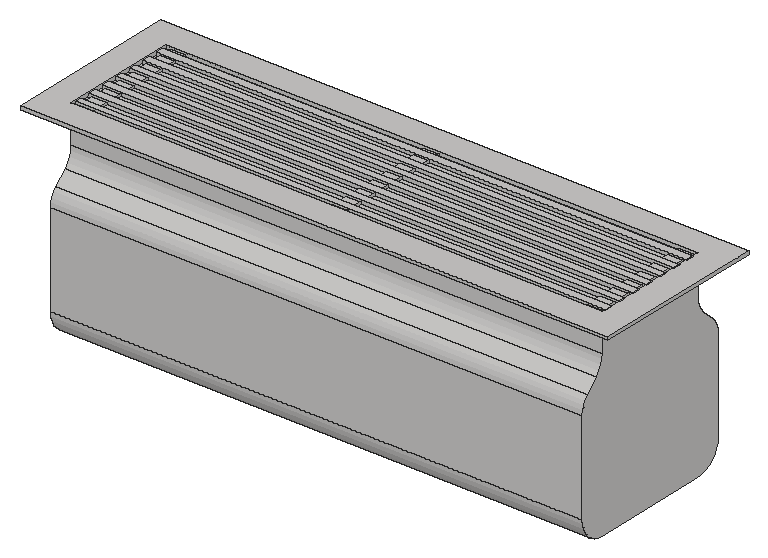
Revit family "VL414712", category Generic Models, host Face, Revit 2016
Family settings
  Host = Face
  Part Type = Normal
  Can host rebar = No
  Round Connector Dimension = Use Diameter
  Cut with Voids When Loaded = No
  Shared = No
  Room Calculation Point = No
Parameters (values of type "VL414712")
  Width = 520 mm
  Unit = Metal Panel
  URL = "http://www.gaggenau.com."
  Model = "VL414712"
  Manufacturer = "Gaggenau"
  Height = 175 mm
  Description = "Gaggenau Vario downdraft ventilation 400 series stainless steel Width 15.5 cm Air extraction / Air recirculation Motorless"
  Depth = 155 mm
  Default Elevation = 0 mm
Reference planes
  plane 1 "Center (Front/Back)": y = 0
  plane 2: z = 0
  plane 3 "Center (Left/Right)": x = 0
  plane 4: x = -260
  plane 5: x = 260
  plane 6: y = 77.5
  plane 7: y = -77.5
  plane 8: z = -175
Forms (mm)
  Extrusion 1, solid, material "Metal Panel" <- "Unit"
    sketch origin (0, 0, -175) x (1, 0, 0) y (0, 1, 0)
      loop
        line (-260, 77.5) -> (-260, -77.5) -> (260, -77.5) -> (260, 77.5) -> (-260, 77.5)
      loop
        line (-235, 52.5) -> (-235, -52.5) -> (235, -52.5) -> (235, 52.5) -> (-235, 52.5)
    from 178 to 175
  Extrusion 2, solid, material "Metal Panel" <- "Unit"
    sketch origin (0, 0, -175) x (1, 0, 0) y (0, 1, 0)
      loop
        line (-235, 47.537) -> (-235, 41.024) -> (235, 41.024) -> (235, 47.537) -> (-235, 47.537)
      loop
        line (-235, 32.537) -> (-235, 26.024) -> (235, 26.024) -> (235, 32.537) -> (-235, 32.537)
      loop
        line (-235, 17.537) -> (-235, 11.024) -> (235, 11.024) -> (235, 17.537) -> (-235, 17.537)
      loop
        line (-235, 2.537) -> (-235, -3.976) -> (235, -3.976) -> (235, 2.537) -> (-235, 2.537)
      loop
        line (-235, -12.463) -> (-235, -18.976) -> (235, -18.976) -> (235, -12.463) -> (-235, -12.463)
      loop
        line (-235, -27.463) -> (-235, -33.976) -> (235, -33.976) -> (235, -27.463) -> (-235, -27.463)
      loop
        line (-235, -42.463) -> (-235, -48.976) -> (235, -48.976) -> (235, -42.463) -> (-235, -42.463)
    from 162.399 to 178
  Extrusion 3, solid, material "Metal Panel" <- "Unit"
    sketch origin (0, 0, -175) x (1, 0, 0) y (0, 1, 0)
      loop
        line (-231.25, 52.5) -> (-231.25, -52.5) -> (-218.082, -52.5) -> (-218.082, 52.5) -> (-231.25, 52.5)
      loop
        line (231.25, 52.5) -> (218.082, 52.5) -> (218.082, -52.5) -> (231.25, -52.5) -> (231.25, 52.5)
      loop
        line (-6.584, 52.5) -> (-6.584, -52.5) -> (6.584, -52.5) -> (6.584, 52.5) -> (-6.584, 52.5)
    from 162.399 to 176.45
  Extrusion 4, solid, material "Metal Panel" <- "Unit"
    sketch origin (0, 0, -175) x (0, 1, 0) y (0, 0, 1)
      loop
        line (52.5, 175) -> (-52.5, 175) -> (-52.5, 144.759)
        arc (-52.5, 144.759) -> (-54.182, 136.302) -> (-58.973, 129.132) r 22.1
        line (-58.973, 129.132) -> (-69.142, 118.963)
        arc (-69.142, 118.963) -> (-73.478, 112.474) -> (-75, 104.821) r 20
        line (-75, 104.821) -> (-75, 22.8)
        arc (-75, 22.8) -> (-68.322, 6.678) -> (-52.2, 0) r 22.8
        line (-52.2, 0) -> (52.203, 0)
        arc (52.203, 0) -> (68.323, 6.677) -> (75, 22.797) r 22.797
        line (75, 22.797) -> (75, 104.821)
        arc (75, 104.821) -> (73.478, 112.474) -> (69.142, 118.963) r 20
        line (69.142, 118.963) -> (58.962, 129.143)
        arc (58.962, 129.143) -> (54.179, 136.301) -> (52.5, 144.744) r 22.064
        line (52.5, 144.744) -> (52.5, 175)
    from -235 to 235
  Extrusion 5, solid, material "Metal Panel" <- "Unit"
    sketch origin (25, 0, 0) x (0, 1, 0) y (0, 0, 1)
      loop
        line (-47.369, -73.197) -> (-47.369, -128.197) -> (52.631, -128.197) -> (52.631, -73.197) -> (-47.369, -73.197)
      loop
        line (-42.369, -78.197) -> (-42.369, -123.197) -> (47.631, -123.197) -> (47.631, -78.197) -> (-42.369, -78.197)
    from -260 to -276.42
Dimensions and locks
  "Width": plane 4 to plane 5
  "Depth": plane 6 to plane 7
  "Height": plane 2 to plane 8
  aligned and locked: plane 2 to host face
  aligned and locked: level to host face
Automatic sketch dimensions
  host sketch curve to host sketch curve = 959.2 mm  (x2)
  host sketch curve to host sketch curve = 520 mm
  host sketch curve to host sketch curve = 1141.7 mm  (x2)
  host sketch curve to host sketch curve = 155 mm
  Extrusion 1 sketch curve to plane 4 = 0 mm
  Extrusion 1 sketch curve to plane 5 = 0 mm
  Extrusion 1 sketch curve to plane 7 = 0 mm
  Extrusion 1 sketch curve to plane 6 = 0 mm
  Extrusion 1 sketch curve to plane 4 = 25 mm
  Extrusion 1 sketch curve to plane 5 = 25 mm
  plane 7 to Extrusion 1 sketch curve = 25 mm
  Extrusion 1 sketch curve to plane 6 = 25 mm
  Extrusion 2 sketch curve to plane 4 = 25 mm  (x2)
  Extrusion 2 sketch curve to Extrusion 2 sketch curve = 0 mm  (x11)
  plane 1 "Center (Front/Back)" to Extrusion 2 sketch curve = 3.976 mm
  Extrusion 2 sketch curve to plane 5 = 25 mm
  Extrusion 2 sketch curve to Extrusion 2 sketch curve = 8.488 mm  (x6)
  Extrusion 2 sketch curve to Extrusion 2 sketch curve = 6.512 mm  (x6)
  Extrusion 2 sketch curve to plane 1 "Center (Front/Back)" = 2.537 mm
  Extrusion 3 sketch curve to plane 4 = 28.75 mm
  Extrusion 3 sketch curve to Extrusion 3 sketch curve = 13.168 mm  (x2)
  Extrusion 3 sketch curve to plane 3 "Center (Left/Right)" = 6.584 mm
  plane 3 "Center (Left/Right)" to Extrusion 3 sketch curve = 6.584 mm
  Extrusion 3 sketch curve to plane 5 = 41.918 mm
  plane 7 to Extrusion 3 sketch curve = 25 mm  (x3)
  Extrusion 3 sketch curve to plane 6 = 25 mm  (x3)
  Extrusion 4 sketch curve to level = 0 mm
  plane 8 to Extrusion 4 sketch curve = 0 mm
  plane 7 to Extrusion 4 sketch curve = 2.5 mm
  plane 7 to Extrusion 4 sketch curve = 2.9 mm
  plane 7 to Extrusion 4 sketch curve = 8.358 mm
  Extrusion 4 sketch curve to Extrusion 4 sketch curve = 10.169 mm  (x2)
  Extrusion 4 sketch curve to Extrusion 4 sketch curve = 20 mm
  Extrusion 4 sketch curve to Extrusion 4 sketch curve = 6.473 mm
  plane 7 to Extrusion 4 sketch curve = 25.3 mm
  Extrusion 4 sketch curve to plane 6 = 25.297 mm
  Extrusion 4 sketch curve to plane 6 = 25 mm
  Extrusion 4 sketch curve to plane 6 = 22.5 mm
  Extrusion 4 sketch curve to Extrusion 4 sketch curve = 6.462 mm
  Extrusion 4 sketch curve to plane 6 = 8.358 mm
  Extrusion 4 sketch curve to plane 6 = 2.936 mm
  Extrusion 4 sketch curve to plane 6 = 2.5 mm
  Extrusion 4 sketch curve to level = 70.179 mm  (x2)
  Extrusion 4 sketch curve to Extrusion 4 sketch curve = 10.18 mm
  plane 7 to Extrusion 5 sketch curve = 30.131 mm
  Extrusion 5 sketch curve to plane 8 = 46.803 mm
  Extrusion 5 sketch curve to plane 6 = 24.869 mm
  Extrusion 5 sketch curve to Extrusion 5 sketch curve = 55 mm
  Extrusion 5 sketch curve to Extrusion 5 sketch curve = 5 mm  (x4)
